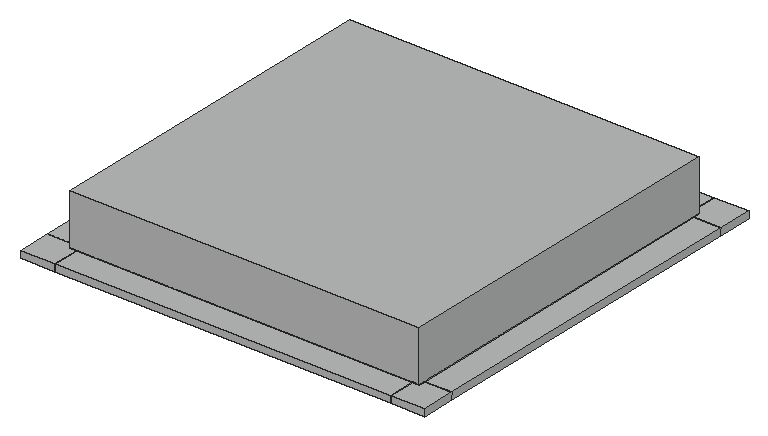
Revit family "ALUMOGIPS", category Осветительные приборы, Revit 2019 (continued)
Types (72, lengths in mm): name | Файл фотометрической сетки | built-in parameter 1150105 | Lumens | built-in parameter 1150106 | built-in parameter 1150142 | Wattage | Emit from Rectangle Width | Emit from Rectangle Length | Длина | Материал светильника | Ширина | ADSK_Ток | ADSK_Полная мощность | ADSK_Обозначение | ADSK_Номинальная мощность | ADSK_Наименование | ADSK_Масса | ADSK_Код изделия
    8 0.098 0.098 0.098 0.098 0.098 0.098 0.098 0.000 0.000 0.000 0.000 \r\n1417.637 1417.044 1413.295 1407.474 1398.890 1388.135 1374.815 1358.437 1340.184 1319.661 1296.869 1271.808 1244.971 1216.258 1185.673 1153.507 1120.158 1085.131 \r\n1048.823 1011.329 973.046 933.284 893.127 851.884 810.741 768.314 725.888 683.165 639.752 596.240 552.728 509.019 465.902 422.686 379.371 337.044 295.505 254.757 215.388 176.909 \r\n138.232 103.698 70.942 40.157 12.136 0.592 0.592 0.592 0.493 0.493 0.493 0.493 0.493 0.493 0.493 0.395 0.395 0.395 0.395 0.395 0.395 0.395 0.395 0.296 0.296 0.296 0.296 0.296 0.296 0.296 0.296 0.197 \r\n0.197 0.197 0.197 0.197 0.197 0.197 0.197 0.098 0.098 0.098 0.098 0.098 0.098 0.098 0.098 0.000 0.000 0.000 0.000 \r\n1417.637 1416.946 1413.197 1407.376 1398.693 1387.839 1374.520 1358.042 1339.789 1319.168 1296.376 1271.315 1244.477 1215.765 1185.179 1152.915 1119.566 1084.539 \r\n1048.230 1010.638 972.356 932.594 892.436 851.194 810.050 767.623 725.197 682.474 639.160 595.649 552.038 508.427 465.310 422.094 378.878 336.550 295.111 254.362 214.895 176.514 \r\n137.935 103.403 70.744 39.960 11.939 0.592 0.592 0.592 0.493 0.493 0.493 0.493 0.493 0.493 0.493 0.395 0.395 0.395 0.395 0.395 0.395 0.395 0.395 0.296 0.296 0.296 0.296 0.296 0.296 0.296 0.296 0.197 \r\n0.197 0.197 0.197 0.197 0.197 0.197 0.197 0.098 0.098 0.098 0.098 0.098 0.098 0.098 0.098 0.000 0.000 0.000 0.000 \r\n1417.637 1416.946 1413.098 1407.178 1398.495 1387.544 1374.223 1357.747 1339.395 1318.773 1295.882 1270.822 1243.886 1215.174 1184.587 1152.323 1118.974 1083.848 \r\n1047.540 1009.947 971.665 931.903 891.746 850.503 809.359 766.933 724.507 681.784 638.470 594.958 551.445 507.836 464.718 421.502 378.287 336.057 294.617 253.967 214.500 176.119 \r\n137.640 103.106 70.447 39.762 11.741 0.592 0.592 0.592 0.493 0.493 0.493 0.493 0.493 0.493 0.493 0.395 0.395 0.395 0.395 0.395 0.395 0.395 0.395 0.296 0.296 0.296 0.296 0.296 0.296 0.296 0.296 0.197 \r\n0.197 0.197 0.197 0.197 0.197 0.197 0.197 0.098 0.098 0.098 0.098 0.098 0.098 0.098 0.098 0.000 0.000 0.000 0.000 \r\n1417.637 1416.848 1412.999 1407.079 1398.298 1387.247 1373.829 1357.352 1339.000 1318.378 1295.488 1270.327 1243.392 1214.680 1183.995 1151.731 1118.283 1083.257 \r\n1046.849 1009.257 970.975 931.113 891.055 849.813 808.668 766.242 723.914 681.093 637.779 594.266 550.755 507.145 464.126 421.009 377.793 335.564 294.222 253.474 214.105 175.823 \r\n137.343 102.810 70.250 39.467 11.445 0.592 0.592 0.592 0.493 0.493 0.493 0.493 0.493 0.493 0.493 0.395 0.395 0.395 0.395 0.395 0.395 0.395 0.395 0.296 0.296 0.296 0.296 0.296 0.296 0.296 0.296 0.197 \r\n0.197 0.197 0.197 0.197 0.197 0.197 0.197 0.098 0.098 0.098 0.098 0.098 0.098 0.098 0.098 0.000 0.000 0.000 0.000 \r\n1417.637 1416.848 1412.901 1406.882 1398.002 1387.051 1373.533 1356.957 1338.605 1317.983 1294.994 1269.834 1242.899 1214.089 1183.403 1151.041 1117.692 1082.665 \r\n1046.257 1008.566 970.284 930.423 890.266 849.121 807.978 765.552 723.224 680.403 637.187 593.675 550.163 506.553 463.534 420.416 377.300 335.071 293.729 253.079 213.712 175.429 \r\n136.949 102.515 69.954 39.269 11.248 0.592 0.592 0.592 0.493 0.493 0.493 0.493 0.493 0.493 0.493 0.395 0.395 0.395 0.395 0.395 0.395 0.395 0.395 0.296 0.296 0.296 0.296 0.296 0.296 0.296 0.296 0.197 \r\n0.197 0.197 0.197 0.197 0.197 0.197 0.197 0.098 0.098 0.098 0.098 0.098 0.098 0.098 0.098 0.000 0.000 0.000 0.000 \r\n1417.637 1416.749 1412.802 1406.684 1397.805 1386.754 1373.237 1356.661 1338.210 1317.589 1294.599 1269.341 1242.406 1213.496 1182.811 1150.448 1117.099 1081.974 \r\n1045.566 1007.974 969.593 929.732 889.575 848.333 807.287 764.861 722.533 679.712 636.496 592.985 549.472 505.960 462.942 419.825 376.707 334.577 293.236 252.684 213.317 175.034 \r\n136.652 102.218 69.659 39.072 11.051 0.592 0.592 0.592 0.493 0.493 0.493 0.493 0.493 0.493 0.493 0.395 0.395 0.395 0.395 0.395 0.395 0.395 0.395 0.296 0.296 0.296 0.296 0.296 0.296 0.296 0.296 0.197 \r\n0.197 0.197 0.197 0.197 0.197 0.197 0.197 0.098 0.098 0.098 0.098 0.098 0.098 0.098 0.098 0.000 0.000 0.000 0.000 \r\n1417.637 1416.749 1412.704 1406.586 1397.607 1386.458 1372.941 1356.266 1337.815 1317.095 1294.106 1268.848 1241.813 1213.003 1182.219 1149.856 1116.409 1081.382 \r\n1044.876 1007.283 968.902 929.042 888.885 847.642 806.597 764.170 721.843 679.120 635.806 592.293 548.881 505.368 462.351 419.332 376.214 334.084 292.841 252.191 212.922 174.738 \r\n136.357 101.922 69.461 38.776 10.853 0.592 0.592 0.592 0.493 0.493 0.493 0.493 0.493 0.493 0.493 0.395 0.395 0.395 0.395 0.395 0.395 0.395 0.395 0.296 0.296 0.296 0.296 0.296 0.296 0.296 0.296 0.197 \r\n0.197 0.197 0.197 0.197 0.197 0.197 0.197 0.098 0.098 0.098 0.098 0.098 0.098 0.098 0.098 0.000 0.000 0.000 0.000 \r\n1417.637 1416.650 1412.604 1406.389 1397.311 1386.162 1372.546 1355.871 1337.421 1316.701 1293.613 1268.355 1241.320 1212.411 1181.627 1149.265 1115.816 1080.691 \r\n1044.284 1006.593 968.212 928.351 888.194 846.951 805.906 763.479 721.151 678.429 635.213 591.702 548.190 504.777 461.758 418.740 375.721 333.591 292.348 251.796 212.527 174.343 \r\n135.962 101.627 69.165 38.579 10.557 0.592 0.592 0.592 0.493 0.493 0.493 0.493 0.493 0.493 0.493 0.395 0.395 0.395 0.395 0.395 0.395 0.395 0.395 0.296 0.296 0.296 0.296 0.296 0.296 0.296 0.296 0.197 \r\n0.197 0.197 0.197 0.197 0.197 0.197 0.197 0.098 0.098 0.098 0.098 0.098 0.098 0.098 0.098 0.000 0.000 0.000 0.000 \r\n1417.637 1416.650 1412.506 1406.191 1397.114 1385.866 1372.250 1355.576 1337.027 1316.307 1293.218 1267.861 1240.827 1211.918 1181.035 1148.672 1115.225 1080.099 \r\n1043.593 1005.902 967.620 927.660 887.503 846.260 805.215 762.789 720.461 677.739 634.523 591.011 547.598 504.086 461.166 418.247 375.129 333.098 291.855 251.401 212.132 173.948 \r\n135.666 101.429 68.968 38.381 10.360 0.592 0.592 0.592 0.493 0.493 0.493 0.493 0.493 0.493 0.493 0.493 0.395 0.395 0.395 0.395 0.395 0.395 0.395 0.296 0.296 0.296 0.296 0.296 0.296 0.296 0.296 0.197 \r\n0.197 0.197 0.197 0.197 0.197 0.197 0.197 0.098 0.098 0.098 0.098 0.098 0.098 0.098 0.098 0.000 0.000 0.000 0.000 \r\n1417.637 1416.650 1412.407 1406.093 1396.917 1385.669 1371.954 1355.181 1336.632 1315.912 1292.725 1267.368 1240.334 1211.325 1180.443 1147.982 1114.633 1079.409 \r\n1042.903 1005.212 966.929 926.969 886.812 845.569 804.524 762.098 719.770 677.048 633.832 590.320 546.907 503.494 460.574 417.654 374.636 332.603 291.460 250.908 211.738 173.653 \r\n135.371 101.133 68.671 38.086 10.163 0.592 0.592 0.592 0.493 0.493 0.493 0.493 0.493 0.493 0.493 0.493 0.395 0.395 0.395 0.395 0.395 0.395 0.395 0.296 0.296 0.296 0.296 0.296 0.296 0.296 0.296 0.197 \r\n0.197 0.197 0.197 0.197 0.197 0.197 0.197 0.098 0.098 0.098 0.098 0.098 0.098 0.098 0.098 0.000 0.000 0.000 0.000 \r\n1417.637 1416.551 1412.309 1405.895 1396.621 1385.373 1371.559 1354.786 1336.237 1315.419 1292.232 1266.875 1239.742 1210.733 1179.851 1147.390 1113.942 1078.816 \r\n1042.310 1004.521 966.238 926.279 886.121 844.879 803.834 761.408 719.080 676.357 633.240 589.728 546.315 502.902 459.982 417.062 374.043 332.110 290.967 250.513 211.343 173.258 \r\n135.074 100.837 68.376 37.888 9.965 0.592 0.592 0.592 0.493 0.493 0.493 0.493 0.493 0.493 0.493 0.493 0.395 0.395 0.395 0.395 0.395 0.395 0.395 0.296 0.296 0.296 0.296 0.296 0.296 0.296 0.296 0.197 \r\n0.197 0.197 0.197 0.197 0.197 0.197 0.197 0.098 0.098 0.098 0.098 0.098 0.098 0.098 0.098 0.000 0.000 0.000 0.000 \r\n1417.637 1416.551 1412.111 1405.796 1396.423 1385.077 1371.264 1354.391 1335.842 1315.024 1291.837 1266.382 1239.248 1210.240 1179.259 1146.798 1113.350 1078.126 \r\n1041.620 1003.831 965.548 925.588 885.431 844.090 803.143 760.717 718.389 675.666 632.549 589.038 545.723 502.310 459.390 416.569 373.550 331.617 290.474 250.119 210.948 172.863 \r\n134.679 100.541 68.178 37.591 9.669 0.592 0.592 0.592 0.493 0.493 0.493 0.493 0.493 0.493 0.493 0.493 0.395 0.395 0.395 0.395 0.395 0.395 0.395 0.296 0.296 0.296 0.296 0.296 0.296 0.296 0.296 0.197 \r\n0.197 0.197 0.197 0.197 0.197 0.197 0.197 0.098 0.098 0.098 0.098 0.098 0.098 0.098 0.098 0.000 0.000 0.000 0.000 \r\n1417.637 1416.453 1412.013 1405.600 1396.226 1384.781 1370.968 1354.095 1335.448 1314.629 1291.344 1265.888 1238.754 1209.648 1178.667 1146.206 1112.758 1077.534 \r\n1040.929 1003.140 964.857 924.898 884.740 843.400 802.453 760.026 717.698 674.976 631.859 588.446 545.032 501.718 458.798 415.977 373.057 331.124 290.079 249.625 210.553 172.567 \r\n134.383 100.245 67.883 37.394 9.472 0.592 0.592 0.592 0.493 0.493 0.493 0.493 0.493 0.493 0.493 0.493 0.395 0.395 0.395 0.395 0.395 0.395 0.395 0.296 0.296 0.296 0.296 0.296 0.296 0.296 0.296 0.197 \r\n0.197 0.197 0.197 0.197 0.197 0.197 0.197 0.098 0.098 0.098 0.098 0.098 0.098 0.098 0.098 0.000 0.000 0.000 0.000 \r\n1417.637 1416.453 1411.914 1405.402 1395.930 1384.583 1370.671 1353.701 1335.053 1314.234 1290.850 1265.395 1238.261 1209.155 1178.075 1145.515 1112.067 1076.844 \r\n1040.239 1002.548 964.167 924.207 883.951 842.708 801.762 759.336 717.008 674.383 631.267 587.755 544.441 501.126 458.206 415.385 372.465 330.631 289.585 249.231 210.160 172.172 \r\n134.088 99.949 67.685 37.198 9.275 0.592 0.592 0.592 0.493 0.493 0.493 0.493 0.493 0.493 0.493 0.493 0.395 0.395 0.395 0.395 0.395 0.395 0.395 0.296 0.296 0.296 0.296 0.296 0.296 0.296 0.296 0.197 \r\n0.197 0.197 0.197 0.197 0.197 0.197 0.197 0.098 0.098 0.098 0.098 0.098 0.098 0.098 0.098 0.000 0.000 0.000 0.000 \r\n1417.637 1416.354 1411.816 1405.303 1395.733 1384.288 1370.276 1353.307 1334.658 1313.741 1290.456 1264.901 1237.669 1208.563 1177.582 1144.923 1111.476 1076.252 \r\n1039.646 1001.857 963.476 923.417 883.260 842.018 801.072 758.644 716.317 673.693 630.576 587.064 543.749 500.435 457.614 414.891 371.972 330.137 289.191 248.836 209.765 171.778 \r\n133.693 99.653 67.389 36.901 9.077 0.592 0.592 0.592 0.493 0.493 0.493 0.493 0.493 0.493 0.493 0.493 0.395 0.395 0.395 0.395 0.395 0.395 0.395 0.296 0.296 0.296 0.296 0.296 0.296 0.296 0.296 0.197 \r\n0.197 0.197 0.197 0.197 0.197 0.197 0.197 0.098 0.098 0.098 0.098 0.098 0.098 0.098 0.098 0.000 0.000 0.000 0.000 \r\n" | 25.582 W | 275 | 1175 | 1195 | RAL 9001 | 295 | 0.179584 A | 41.3043 VA | "Alumogips-38/opal-sand 295х1195 (IP54, 4000К, белый)" | 38 W | "Встраиваемый светодиодный светильник Alumogips-38/opal-sand 295х1195 (IP54, 4000К, белый) с БАП на 3 часа" | 2.5 | "ЦБ000008606"
